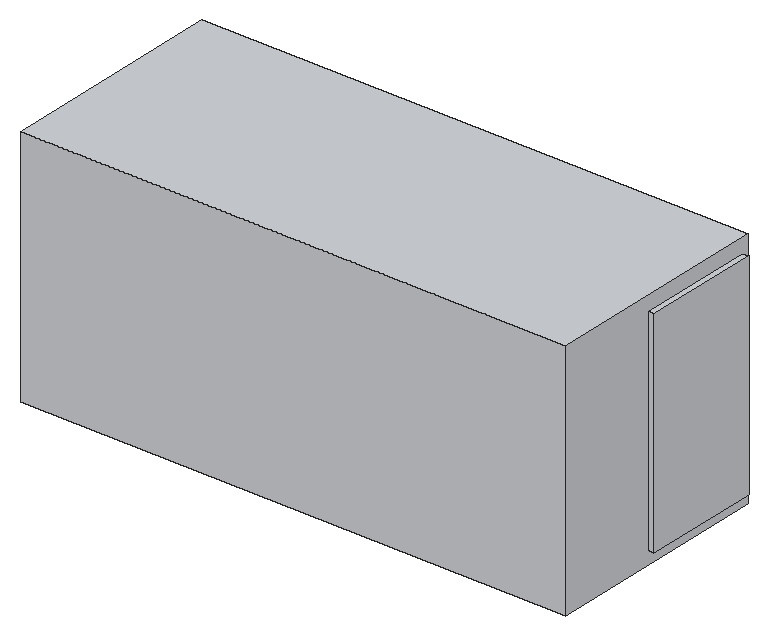
Revit family "8d107c382a01458bb330570176c66502", category Mechanical Equipment, Revit 2021
Family settings
  Round Connector Dimension = Use Radius
  Part Type = Normal
  OmniClass Number = 23.75.35.14.17
  OmniClass Title = Modular Indoor Air Handling Units
  Seek Item ID = Air Handling Unit - Split System - Horizontal-0000-USA-ENU
  Work Plane-Based = No
  Always vertical = Yes
  Cut with Voids When Loaded = No
  Shared = No
  Room Calculation Point = No
Parameters (values of type "30000 Btu")
  Width = 1' - 9 1/4"
  Voltage = 208 V
  Load Classification = Cooling
  External Static Pressure [instance] = 0.50 in-wg
  Supply Airflow [instance] = 765 CFM
  Return Airflow [instance] = 765 CFM
  Poles = 3
  Length = 4' - 3"
  Height = 1' - 10 5/8"
  Heating Capacity = 33000 Btu
  Dimension H = Length - Dimension G  # 2' - 0 5/8"
  Dimension G = 2' - 2 3/8"
  Dimension F = 1' - 8"
  Dimension E = 1' - 10"
  Dimension D = 1' - 8"
  Dimension A = 11"
  Default Elevation = 0' - 0"
  Cooling Capacity = 34400 Btu
  Condensate Radius = Condensate Diameter / 2  # 3/8"
  Condensate Diameter = 3/4"
  Assembly Code = ""
  Apparent Load = 516 VA
Types (3): name | Supply Airflow | Return Airflow | Length | Height | Heating Capacity | Dimension H | Dimension G | Dimension E | Cooling Capacity | Apparent Load
  30000 Btu | 765 CFM | 765 CFM | 4' - 3" | 1' - 10 5/8" | 33000 Btu | 2' - 0 5/8" | 2' - 2 3/8" | 1' - 10" | 34400 Btu | 516 VA
  48000 Btu | 1529 CFM | 1529 CFM | 4' - 10 1/2" | 2' - 0 5/8" | 44500 Btu | 2' - 7 1/8" | 2' - 3 3/8" | 2' - 0" | 46500 Btu | 624 VA
  60000 Btu | 1778 CFM | 1778 CFM | 4' - 10 1/2" | 2' - 0 5/8" | 57500 Btu | 2' - 7 1/8" | 2' - 3 3/8" | 2' - 0" | 53500 Btu | 1040 VA
Reference planes (in)
  plane 1 "Center (Front/Back)": y = 0
  plane 2: z = 0
  plane 3 "Center (Left/Right)": x = 0
  plane 4: y = 21.25
  plane 5: x = 51
  plane 6: x = 51.625
  plane 7: y = 20.5
  plane 8: y = 9.5
  plane 9: y = 1
  plane 10: x = 24.625
  plane 11: z = 22.625
  plane 12: z = 11.3125
  plane 13: z = 21.3125
  plane 14: z = 1.3125
  plane 15: x = 1
  plane 16: z = 11.3125
  plane 17: z = 22.3125
  plane 18: y = 0.625
  plane 19: y = 10.625
  plane 20: y = 20.625
  plane 21: z = 0.3125
  plane 22: y = 2
  plane 23: z = 20.625
  plane 24: x = 5.75
  plane 25: z = 1.5
  plane 26: x = 7.5
Forms (in)
  Extrusion 1, solid
    sketch origin (0, 0, 0) x (1, 0, 0) y (0, 1, 0)
      loop
        line (0, 21.25) -> (0, 0) -> (51, 0) -> (51, 21.25) -> (0, 21.25)
    from 0 to 22.625
  Extrusion 2, solid
    sketch origin (0, 0, 0) x (1, 0, 0) y (0, 1, 0)
      loop
        line (51.625, 9.5) -> (51.625, 20.5) -> (51, 20.5) -> (51, 9.5) -> (51.625, 9.5)
    from 1.3125 to 21.3125
Lines and regions (in)
  model lines
    curve 1: line (1, 0, 22.625) -> (1, 0, 0)
    curve 2: line (0, 1, 22.625) -> (51, 1, 22.625)
    curve 3: line (24.625, 1, 22.625) -> (24.625, 0, 22.625)
    curve 4: line (0, 20.625, 22.3125) -> (0, 0.625, 22.3125)
    curve 5: line (0, 20.625, 0.3125) -> (0, 20.625, 22.3125)
    curve 6: line (0, 0.625, 0.3125) -> (0, 20.625, 0.3125)
    curve 7: line (0, 0, 22.3125) -> (0, 0, 0.3125)
    curve 8: line (0, 0.625, 22.3125) -> (0, 0.625, 0.3125)
    curve 9: line (51, 20.5, 21.3125) -> (51, 9.5, 21.3125)
Dimensions and locks (in)
  "Width": plane 1 "Center (Front/Back)" to plane 4
  "Length": plane 3 "Center (Left/Right)" to plane 5
  locked: plane 5 to plane 6 at 0.625
  locked: plane 4 to plane 7 at 0.75
  locked: plane 7 to plane 8 at 11
  locked: plane 9 to plane 1 "Center (Front/Back)" at 1
  "Dimension G": plane 10 to plane 5
  equal spacing: plane 11, plane 12, level
  "Height": plane 11 to level
  equal spacing: plane 13, plane 12, plane 14
  "Dimension D": plane 13 to plane 14
  locked: plane 15 to plane 3 "Center (Left/Right)" at 1
  equal spacing: plane 11, plane 16, level
  equal spacing: plane 4, plane 19, plane 1 "Center (Front/Back)"
  equal spacing: plane 17, plane 16, plane 21
  equal spacing: plane 20, plane 19, plane 18
  "Dimension F": plane 20 to plane 18
  "Dimension E": plane 17 to plane 21
  locked: plane 1 "Center (Front/Back)" to plane 22 at 2
  locked: plane 23 to plane 11 at 2
  locked: plane 25 to level at 1.5
  locked: plane 24 to plane 3 "Center (Left/Right)" at 5.75
  locked: plane 26 to plane 24 at 1.75
  aligned and locked: plane 3 "Center (Left/Right)" to Extrusion 1 sketch curve
  aligned and locked: Extrusion 1 sketch curve to plane 4
  aligned and locked: plane 1 "Center (Front/Back)" to Extrusion 1 sketch curve
  aligned and locked: Extrusion 1 sketch curve to plane 5
  aligned and locked: plane 6 to Extrusion 2 sketch curve
  aligned and locked: Extrusion 2 sketch curve to plane 8
  aligned and locked: plane 7 to Extrusion 2 sketch curve
  aligned and locked: plane 11 to Extrusion 1
  aligned and locked: plane 13 to Extrusion 2
  aligned and locked: plane 14 to Extrusion 2
  aligned and locked: curve 1 to plane 15
  aligned and locked: plane 11 to curve 1
  aligned and locked: plane 3 "Center (Left/Right)" to curve 2
  aligned and locked: curve 2 to plane 9
  aligned and locked: curve 3 to plane 10
  aligned and locked: plane 9 to curve 3
  aligned and locked: plane 1 "Center (Front/Back)" to curve 3
  aligned and locked: plane 20 to curve 4
  aligned and locked: plane 17 to curve 4
  aligned and locked: plane 21 to curve 7
  aligned and locked: plane 1 "Center (Front/Back)" to curve 7
  aligned and locked: plane 18 to curve 8
  aligned and locked: plane 17 to curve 8
  aligned and locked: plane 21 to curve 8
  aligned and locked: connector elem to plane 23
  aligned and locked: connector elem to plane 22
  aligned and locked: connector elem to plane 24
  aligned and locked: plane 25 to connector elem  (x2)
  aligned and locked: connector elem to plane 26
  aligned and locked: Extrusion 2 to curve 9
  aligned and locked: curve 9 to Extrusion 2
  aligned and locked: plane 5 to Extrusion 1
  aligned and locked: plane 8 to curve 9
Automatic sketch dimensions
  plane 5 to Extrusion 2 sketch curve = 0' - 0"
  curve 1 to level = 0' - 0"
  curve 2 to Extrusion 1 = 0' - 0"
  curve 7 to plane 17 = 0' - 0"
Connectors (in)
  electrical at (51, 2, 20.625), driven by "Poles", driven by "Voltage", driven by "Apparent Load", driven by "Load Classification"
    settings: on plane 5, index 1, voltage 208 V, apparent load 516 VA, apparent load phase1 0 VA, apparent load phase2 0 VA, apparent load phase3 0 VA, power factor 0.8, load classification "Cooling", number of poles 3, system type 30, power factor state 1, is connector primary yes, connector utility no, sub classification motor no, connector description ""
  piping at (5.75, 0, 1.5), diameter 0.75, driven by "Condensate Radius"
    settings: on plane 1 "Center (Front/Back)", index 2, connector inside diameter 3/4", connector length 0' - 0", flow factor 0, pipe flow 0 GPM, pressure drop 0.00 psi, fitting loss kfactor 0, connector angle 0.00°, fixture units 0, engagement length 0' - 0", angle of deflection 0.00°, flow configuration 1, flow direction 1, fitting loss method 0, system type 22, joint type 0, gender type 0, connector reference index 3, connector utility 0, adjustable connector no, is connector primary no, connector description ""
  piping at (7.5, 0, 1.5), diameter 0.75, driven by "Condensate Radius"
    settings: on plane 1 "Center (Front/Back)", index 3, connector inside diameter 3/4", connector length 0' - 0", flow factor 0, pipe flow 0 GPM, pressure drop 0.00 psi, fitting loss kfactor 0, connector angle 0.00°, fixture units 0, engagement length 0' - 0", angle of deflection 0.00°, flow configuration 1, flow direction 2, fitting loss method 0, system type 22, joint type 0, gender type 0, connector reference index 2, connector utility 0, adjustable connector no, is connector primary yes, connector description ""
  hvac at (0, 10.625, 11.3125), driven by "Return Airflow", driven by "Dimension E", driven by "Dimension F"
    settings: on Extrusion 1, index 4, duct flow 765 CFM, flow factor 0, pres drop 0.00 in-wg, loss coef 0, conn angle 0.00°, conn width 20", conn height 22", conn diameter 24", duct sys type 2, conn prof type 1, flow config 0, flow direction 1, loss method 0, conn ref index 5, conn util no, is conn primary no, conn desc ""
  hvac at (51.625, 15, 11.3125), driven by "Supply Airflow", driven by "Dimension D", driven by "Dimension A"
    settings: on Extrusion 2, index 5, duct flow 765 CFM, flow factor 0, pres drop 0.00 in-wg, loss coef 0, conn angle 0.00°, conn width 11", conn height 20", conn diameter 24", duct sys type 1, conn prof type 1, flow config 0, flow direction 2, loss method 0, conn ref index 4, conn util no, is conn primary yes, conn desc ""
